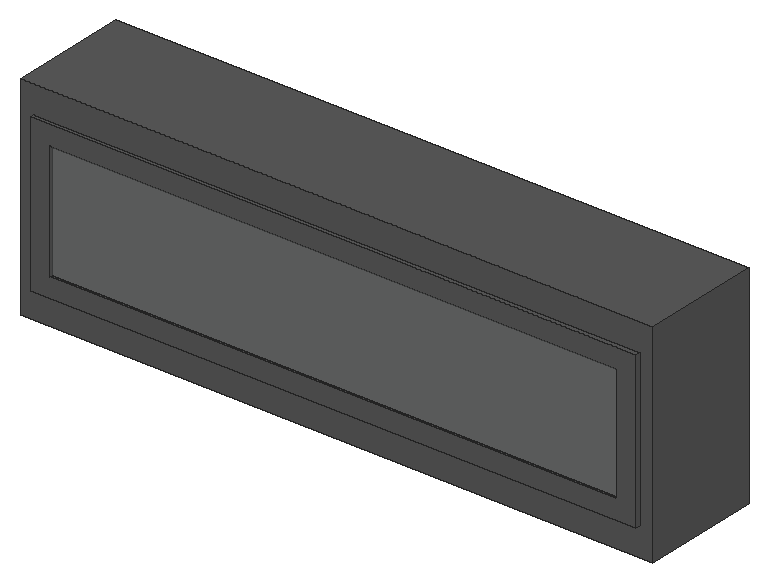
Revit family "EDRL60-1", category Generic Models, Revit 2023
Family settings
  Can host rebar = No
  Round Connector Dimension = Use Diameter
  Part Type = Normal
  Work Plane-Based = No
  Always vertical = Yes
  Cut with Voids When Loaded = No
  Maintain Annotation Orientation = No
  Shared = No
  Room Calculation Point = No
Parameters
  URL = "https://www.montigo.com/"
  Model = ""
  Manufacturer Fax = ""
  Manufacturer Website = "https://www.montigo.com/"
  Manufacturer Phone - Toll Free = "800-378-3115"
  Manufacturer Phone = ""
  Manufacturer Address = "27342 Gloucester Way  Langley, BC, Canada   V4W 4A1"
  Manufacturer = "Montigo"
  Keynote = ""
  Glazing Tint = Glass - Montigo - Tint as Specified
  Frame Material = Metal - Montigo - Black
  Firebox Material = Metal - Montigo - White
  Description = "Montigo Fireplace as Specified"
  Default Elevation = 0"
Reference planes (in)
  plane 1 "Center (Front/Back)": y = 0
  plane 2: z = 0
  plane 3 "Center (Left/Right)": x = 0
Forms (in)
  Extrusion 1, solid, material "Metal - Montigo - Black"
    sketch origin (0, 0, 0) x (1, 0, 0) y (0, 1, 0)
      loop
        line (-32.6875, 0) -> (32.6875, 0) -> (32.6875, 12.3125) -> (-32.6875, 12.3125) -> (-32.6875, 0)
    from 0 to 21.875
  Extrusion 2, solid, material "Metal - Montigo - Black"
    sketch origin (0, -3, 2.89844) x (1, 0, 0) y (0, 1, 0)
      loop
        line (-31.28125, 2.5625) -> (31.28125, 2.5625) -> (31.28125, 3) -> (-31.28125, 3) -> (-31.28125, 2.5625)
    from 0 to 16.07813
  Extrusion 3, void
    sketch origin (19.1875, -6.15625, 0) x (-1, 0, 0) y (0, 0, -1)
      loop
        line (48.46875, -16.97656) -> (48.46875, -4.89844) -> (-10.09375, -4.89844) -> (-10.09375, -16.97656) -> (48.46875, -16.97656)
    from -5.93578 to -5.71875
Cuts and joins
  Extrusion 3 cuts Extrusion 2
Lines and regions (in)
  symbolic lines
    curve 1: line (129.0333, -6.15625, 107.49519) -> (129.0333, -6.15625, 106.74519)
Dimensions and locks (in)
  Extrusion 1 to Extrusion 1 = 65 3/8"
  aligned and locked: level to plane 2
